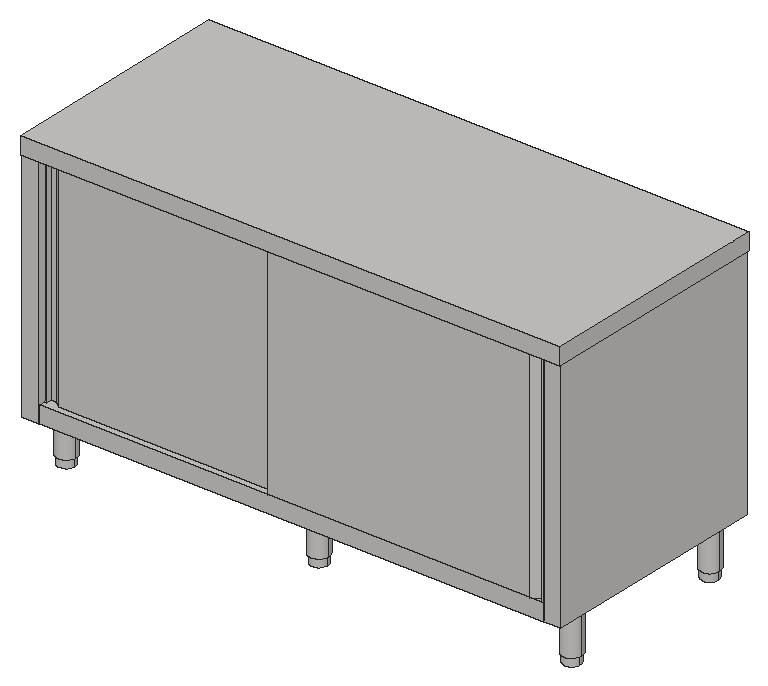
Revit family "QF_ZANUSSI_132859_MS1607N", category Attrezzature speciali, Revit 2020
Family settings
  Quota connettore circolare = Usa diametro
  Tipo di parte = Normale
  Basato su piano di lavoro = No
  Sempre verticale = Sì
  Taglio con vuoti quando caricato = No
  Condiviso = No
  Punto di calcolo locali = No
Parameters (values of type "Standard")
  Weight = 65.00 kg
  Watts = 0 W
  Volts = 0 V
  URL Manufacturer = "http://www.zanussiprofessional.com"
  URL = "http://www.zanussiprofessional.com"
  Steam Supply Size = 0 mm
  Steam Supply Minimum Pressure = 0.0 Pa
  Steam Supply Maximum Pressure = 0.0 Pa
  Steam Consumption per Hour = 0
  Refrigeration Suction Line Size = 0.0 mm
  Refrigeration Liquid Line Size = 0.0 mm
  Refrigerant Compressor Remote = yes
  Prospetto di default = 0.0 mm
  Produttore = "Zanussi"
  Phase = 0
  Modello = "MS1607N"
  Length Actual = 1600.0 mm  # constant formula
  Item Number = "132859"
  Hot Water Size = 0 mm
  Height Actual = 900.0 mm  # constant formula
  HP = "0 HP"
  Gas Size = 0 mm
  Gas KW = 0
  Gas Input Pressure = 0 W
  Direct Waste Size = 0 mm
  Descrizione = "WORKTOP CUPBOARD 1600MM"
  Depth Actual = 700.0 mm  # constant formula
  Cycle = 0 Hz
  Condensate Return Size = 0 mm
  Compressed Air Volume = 0.0 L/s
  Compressed Air Size = 0 mm
  Compressed Air Pressure = 0.0 Pa
  Cold Water Size = 0 mm
  Accessory = yes
Reference planes
  plane 1 "Center (Front/Back)": y = 0
  plane 2: z = 0
  plane 3 "Center (Left/Right)": x = -300
  plane 4 "LEFT": x = -1100
  plane 5 "RIGHT": x = 500
  plane 6 "BACK": y = 350
  plane 7 "FRONT": y = -350
  plane 8 "Base": z = 850
  plane 9 "TOP": z = 900
  plane 10: x = -1050
  plane 11: x = 450
  plane 12: y = 270
  plane 13: y = -241.9
  plane 14 "BodyLeft": x = -1099
  plane 15 "BodyFront": y = -344.5
  plane 16 "BodyRight": x = 499
  plane 17 "BodyBack": y = 344.5
  plane 18 "FEET": z = 150
  plane 19: x = -230
  plane 20: x = -370
Forms (mm)
  Extrusion 1, solid, material "QF_Finishes_Stainless Steel"
    sketch origin (-300, 0, 0) x (0, 1, 0) y (0, 0, 1)
      loop
        line (-350, 850) -> (350, 850) -> (350, 900) -> (-350, 900) -> (-350, 850)
    from 800 to -800
  Extrusion 2, solid, material "QF_Finishes_Stainless Steel"
    sketch origin (0, 0, 150) x (-1, 0, 0) y (0, -1, 0)
      loop
        line (1099, -344.5) -> (1099, 344.5) -> (1049, 344.5) -> (1049, -344.5) -> (1099, -344.5)
      loop
        line (-449, -344.5) -> (-449, 344.5) -> (-499, 344.5) -> (-499, -344.5) -> (-449, -344.5)
    from 0 to 700
  Extrusion 3, solid, material "QF_Finishes_Stainless Steel"
    sketch origin (0, 0, 150) x (-1, 0, 0) y (0, -1, 0)
      loop
        line (1046.685, -344.5) -> (1046.685, 344.5) -> (-447.6, 344.5) -> (-447.6, -344.5) -> (1046.685, -344.5)
    from 0 to 50
  Extrusion 4, solid, material "QF_Finishes_Stainless Steel"
    sketch origin (0, 0, 150) x (-1, 0, 0) y (0, -1, 0)
      loop
        line (1046.685, -344.5) -> (1046.685, -294.5) -> (-447.6, -294.5) -> (-447.6, -344.5) -> (1046.685, -344.5)
    from 50 to 700
  Extrusion 5, solid, material "QF_Finishes_Stainless Steel"
    sketch origin (0, 0, 150) x (-1, 0, 0) y (0, -1, 0)
      loop
        line (-447.6, 344.5) -> (-447.6, 324.5) -> (370, 324.5) -> (370, 344.5) -> (-407.6, 344.5) -> (-427.6, 329.5) -> (-442.6, 329.5) -> (-442.6, 344.5) -> (-447.6, 344.5)
    from 50 to 700
  Extrusion 6, solid, material "QF_Finishes_Stainless Steel"
    sketch origin (0, 20, 150) x (1, 0, 0) y (0, 1, 0)
      loop
        line (-1047.6, -344.5) -> (-1042.6, -344.5) -> (-1042.6, -329.5) -> (-1027.6, -329.5) -> (-1007.6, -344.5) -> (-230, -344.5) -> (-230, -324.5) -> (-1047.6, -324.5) -> (-1047.6, -344.5)
    from 50 to 700
Lines and regions (mm)
  symbolic lines
    curve 1: line (500, 350, 900) -> (-1100, 350, 900)
    curve 2: line (-1100, 350, 900) -> (-1100, -350, 900)
    curve 3: line (-1100, -350, 900) -> (500, -350, 900)
    curve 4: line (500, -350, 900) -> (500, 350, 900)
  symbolic lines, style "SpecialityEquipmentHiddenLines"
    curve 5: line (-1099, 344.5, 150) -> (499, 344.5, 150)
    curve 6: line (-1099, -344.5, 150) -> (-1099, 344.5, 150)
    curve 7: line (499, -344.5, 150) -> (-1099, -344.5, 150)
    curve 8: line (499, 344.5, 150) -> (499, -344.5, 150)
    curve 9: line (-1047.6, -304.5, 150) -> (-230, -304.5, 150)
    curve 10: line (-230, -304.5, 150) -> (-230, -324.5, 150)
    curve 11: line (-1047.6, -324.5, 150) -> (447.6, -324.5, 150)
    curve 12: line (447.6, -324.5, 150) -> (447.6, -344.5, 150)
    curve 13: line (-370, -324.5, 150) -> (-370, -344.5, 150)
    curve 14: line (-1047.6, -304.5, 150) -> (-1047.6, -324.5, 150)
Dimensions and locks
  plane 4 "LEFT" to plane 5 "RIGHT" = 1600.0 mm
  equal spacing: plane 4 "LEFT", plane 3 "Center (Left/Right)", plane 5 "RIGHT"
  locked: plane 8 "Base" to level at 850
  plane 9 "TOP" to level = 900.0 mm
  plane 6 "BACK" to plane 7 "FRONT" = 700.0 mm
  equal spacing: plane 6 "BACK", plane 1 "Center (Front/Back)", plane 7 "FRONT"
  locked: plane 4 "LEFT" to plane 14 "BodyLeft" at 1
  locked: plane 16 "BodyRight" to plane 5 "RIGHT" at 1
  locked: plane 15 "BodyFront" to plane 7 "FRONT" at 5.5
  locked: plane 6 "BACK" to plane 17 "BodyBack" at 5.5
  locked: plane 14 "BodyLeft" to plane 10 at 49
  locked: plane 11 to plane 16 "BodyRight" at 49
  locked: plane 13 to plane 15 "BodyFront" at 102.6
  locked: plane 17 "BodyBack" to plane 12 at 74.5
  plane 10 to plane 11 = 1500.0 mm
  plane 12 to plane 13 = 511.9 mm
  locked: plane 14 "BodyLeft" to Extrusion 2 sketch curve at 50
  locked: Extrusion 2 sketch curve to Extrusion 2 sketch curve at 50
  Extrusion 3 to Extrusion 4 sketch curve = 50.0 mm
  locked: plane 3 "Center (Left/Right)" to plane 19 at 70
  locked: plane 20 to plane 3 "Center (Left/Right)" at 70
  locked: plane 18 "FEET" to level at 150
  aligned and locked: level to plane 2
  aligned and locked: plane 10 to nested 1
  aligned and locked: nested 1 to plane 13
  aligned and locked: plane 11 to nested 2
  aligned and locked: nested 2 to plane 13
  aligned and locked: plane 11 to nested 4
  aligned and locked: nested 4 to plane 12
  aligned and locked: plane 10 to nested 3
  aligned and locked: nested 3 to plane 12
  aligned and locked: Extrusion 1 to plane 4 "LEFT"
  aligned and locked: plane 5 "RIGHT" to Extrusion 1
  aligned and locked: curve 2 to plane 4 "LEFT"
  aligned and locked: plane 17 "BodyBack" to Extrusion 2 sketch curve
  aligned and locked: Extrusion 2 sketch curve to plane 15 "BodyFront"
  aligned and locked: Extrusion 2 sketch curve to plane 14 "BodyLeft"
  aligned and locked: plane 16 "BodyRight" to Extrusion 2 sketch curve
  aligned and locked: Extrusion 2 sketch curve to plane 17 "BodyBack"
  aligned and locked: plane 15 "BodyFront" to Extrusion 2 sketch curve
  aligned and locked: Extrusion 3 sketch curve to plane 17 "BodyBack"
  aligned and locked: plane 15 "BodyFront" to Extrusion 3 sketch curve
  aligned and locked: plane 8 "Base" to Extrusion 2
  aligned and locked: Extrusion 4 sketch curve to Extrusion 3
  aligned and locked: plane 8 "Base" to Extrusion 5
  aligned and locked: Extrusion 5 to Extrusion 3
  aligned and locked: Extrusion 6 sketch curve to plane 19
  aligned and locked: Extrusion 5 sketch curve to plane 20
  aligned and locked: Extrusion 1 to plane 8 "Base"
  aligned and locked: plane 9 "TOP" to Extrusion 1
  aligned and locked: curve 5 to plane 17 "BodyBack"
  aligned and locked: plane 14 "BodyLeft" to curve 6
  aligned and locked: plane 15 "BodyFront" to curve 7
  aligned and locked: plane 16 "BodyRight" to curve 8
  aligned and locked: plane 3 "Center (Left/Right)" to nested 5
  aligned and locked: plane 3 "Center (Left/Right)" to nested 6
Automatic sketch dimensions
  curve 3 to plane 7 "FRONT" = 0.0 mm
  curve 4 to plane 6 "BACK" = 0.0 mm
  Extrusion 1 sketch curve to plane 7 "FRONT" = 0.0 mm
  plane 9 "TOP" to Extrusion 1 sketch curve = 0.0 mm
  Extrusion 1 sketch curve to plane 6 "BACK" = 0.0 mm
  Extrusion 1 sketch curve to plane 8 "Base" = 0.0 mm
  Extrusion 5 sketch curve to plane 15 "BodyFront" = 0.0 mm  (x2)
  Extrusion 5 sketch curve to plane 11 = 2.4 mm
  Extrusion 5 sketch curve to Extrusion 5 sketch curve = 5.0 mm
  Extrusion 5 sketch curve to Extrusion 5 sketch curve = 15.0 mm
  Extrusion 5 sketch curve to Extrusion 5 sketch curve = 20.0 mm
  plane 15 "BodyFront" to Extrusion 5 sketch curve = 15.0 mm
  plane 15 "BodyFront" to Extrusion 5 sketch curve = 20.0 mm
  Extrusion 6 sketch curve to plane 15 "BodyFront" = 20.0 mm  (x2)
  Extrusion 6 sketch curve to plane 10 = 2.4 mm
  Extrusion 6 sketch curve to Extrusion 6 sketch curve = 5.0 mm
  Extrusion 6 sketch curve to Extrusion 6 sketch curve = 15.0 mm
  Extrusion 6 sketch curve to Extrusion 6 sketch curve = 20.0 mm  (x2)
  Extrusion 6 sketch curve to plane 15 "BodyFront" = 35.0 mm
  Extrusion 3 sketch curve to plane 11 = 2.4 mm
  plane 10 to Extrusion 3 sketch curve = 3.315 mm
  Extrusion 4 sketch curve to plane 11 = 2.4 mm
  plane 10 to Extrusion 4 sketch curve = 3.315 mm
  curve 10 to plane 19 = 0.0 mm
  curve 13 to plane 20 = 0.0 mm
  curve 11 to plane 11 = 2.4 mm
  plane 15 "BodyFront" to curve 9 = 40.0 mm
  curve 12 to curve 12 = 20.0 mm
  plane 10 to curve 14 = 2.4 mm
  curve 4 to plane 5 "RIGHT" = 0.0 mm
Nested families
  nested 1: "FEET_D58-150" at (-1050, -241.9, 0), type "FEET_D58-150"
  nested 2: "FEET_D58-150" at (450, -241.9, 0), type "FEET_D58-150"
  nested 3: "FEET_D58-150" at (-1050, 270, 0), type "FEET_D58-150"
  nested 4: "FEET_D58-150" at (450, 270, 0), type "FEET_D58-150"
  nested 5: "FEET_D58-150" at (-300, -241.9, 0), type "FEET_D58-150"
  nested 6: "FEET_D58-150" at (-300, 270, 0), type "FEET_D58-150"
Definition of nested family "FEET_D58-150"
  Parameters
    Default Elevation = 0.0 mm
    FEET = 150.0 mm
  Reference planes
    plane 1 "Center (Front/Back)": y = 0
    plane 2: z = 0
    plane 3 "Center (Left/Right)": x = 0
    plane 4: z = 150
  Forms (mm)
    Extrusion 1, solid
      sketch origin (0, 0, 0) x (1, 0, 0) y (0, 1, 0)
        loop
          circle (0, 0) r 25
      from 0 to 25
    Extrusion 2, solid
      sketch origin (0, 0, 0) x (1, 0, 0) y (0, 1, 0)
        loop
          circle (0.061, 0) r 29
      from 25 to 150 <- "FEET"
  Lines and regions (mm)
    symbolic lines
      curve 1: line (0, -1.503, 0) -> (0, 1.508, 0)
      curve 2: line (1.561, 0, 0) -> (-1.439, 0, 0)
  Dimensions and locks
    "FEET": plane 4 to plane 2
    aligned and locked: level to plane 2
  Automatic sketch dimensions
    plane 1 "Center (Front/Back)" to Extrusion 1 sketch curve = 0.0 mm
    Extrusion 1 sketch curve to plane 3 "Center (Left/Right)" = 0.0 mm
    plane 1 "Center (Front/Back)" to curve 2 = 0.0 mm
    curve 1 to plane 3 "Center (Left/Right)" = 0.0 mm
    curve 2 to plane 3 "Center (Left/Right)" = 1.439 mm
    plane 3 "Center (Left/Right)" to curve 2 = 1.561 mm
    plane 1 "Center (Front/Back)" to curve 1 = 1.503 mm
    curve 1 to plane 1 "Center (Front/Back)" = 1.508 mm
    plane 1 "Center (Front/Back)" to Extrusion 2 sketch curve = 0.0 mm
    plane 3 "Center (Left/Right)" to Extrusion 2 sketch curve = 0.061 mm
    radius of Extrusion 1 sketch curve = 25.0 mm
    radius of Extrusion 2 sketch curve = 29.0 mm
